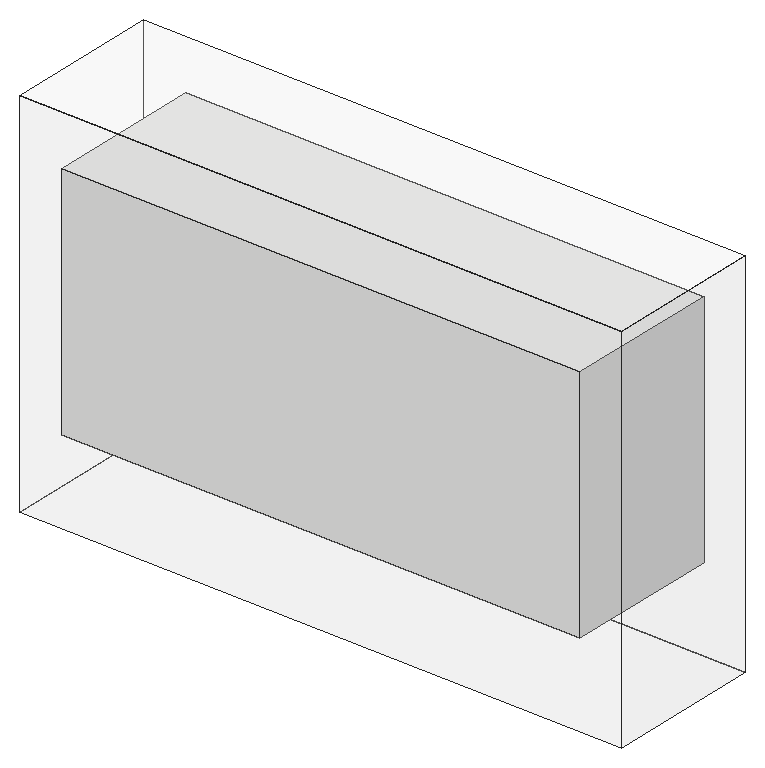
Revit family "vl-16_18(e)u3-d_50Hz", category 機械設備, Revit 2019
Family settings
  丸型コネクタ寸法 = 直径を使用
  パーツ タイプ = 標準
  OmniClass 番号 = 23.75.35.17.27
  OmniClass タイトル = Centrifugal Fans
  作業面ベース = いいえ
  常に垂直 = はい
  ロード時にボイドで切り取り = いいえ
  共有 = いいえ
  部屋計算ポイント = いいえ
Parameters (values of type "VL-16EU3-D")
  騒音レベル(dB(A)) [instance] = 38.5
  風量 [instance] = 103.0 m³/h
  電源種別 [instance] = ""
  電圧 = 100 V
  電動機出力 = 0 W
  電動機_種別 [instance] = ""
  運転質量 = 0.00 kg
  連動 [instance] = ""
  質量 = if(製品質量 > 運転質量, 製品質量, 運転質量) * 1.2  # 7.80 kg
  負荷分類 = 3_ファン類
  説明 = "換気空清機ロスナイ 寒冷地仕様 壁掛2パイプ取付タイプ"
  設計風量 [instance] = 0.0 m³/h
  設置方法 = "壁付"
  記号 [instance] = ""
  製造元 = "三菱電機株式会社"
  製品質量 = 6.50 kg
  製品出荷対象 = "国内"
  製品リリース年月 = "2019年5月16日"
  製品グループ = ""
  系統 [instance] = ""
  符号 [instance] = ""
  積算_科目 = "2 換気設備"
  積算_拾い区分 [instance] = ""
  相 = 1
  盤記号 [instance] = ""
  発停方法 [instance] = ""
  特殊仕様 [instance] = ""
  温度交換効率 = 70.00%
  メンテナンススペース = yes
  火災停止 [instance] = ""
  消費電力 = 33 W
  法定耐用年数 = "15"
  機外静圧 [instance] = 0.0 Pa
  極数 = 2
  材質 [instance] = ""
  操作・制御方式 = ""
  操作・制御スイッチ = ""
  排気量 [instance] = 0.0 m³/h
  形式 = ""
  幹線記号 [instance] = ""
  対象室 [instance] = ""
  実風量 [instance] = 0.0 m³/h
  始動方式 [instance] = "直入"
  外気量 [instance] = 0.0 m³/h
  呼称 = ""
  周波数 = 50 Hz
  参照している仕様書等のバージョン = ""
  分類コード = "50052504100030"
  分類グループ = ""
  価格 = 74100
  企業コード = "108420"
  付属品_防振装置 = ""
  付属品 [instance] = ""
  仕様書バージョン = "Version1.0"
  モデル = "VL-16EU3-D"
  マテリアル = 合成樹脂(白)
  ファンの種類 = ""
  ダクト径 = 75 mm
  コメント [instance] = ""
  Keynote = ""
  Width = 620 mm
  W1 = if(Width / 2 < Depth, Width / 2, Depth)  # 185 mm
  Version = ""
  Uniclass2015Version = "Systems v1.9"
  Uniclass2015Title = "Twin centrifugal fans"
  Uniclass2015Code = "Pr_65_67_29_89"
  URL = "https://www.mitsubishielectric.co.jp/ldg/wink/ssl/displayProduct.do?pid=301004"
  SpecificationReference = ""
  SpecificationDescription = ""
  SAサイズ_D = 75 mm
  Revision = ""
  ProductInformation = ""
  OmniClassCode = "23-33 31 19 13 13"
  MIN風量 = 65.0 m³/h
  MIN静圧 = 0.0 Pa
  MID風量 = 0.0 m³/h
  MID静圧 = 0.0 Pa
  MAX風量 = 103.0 m³/h
  MAX静圧 = 0.0 Pa
  IfcTypeProduct = ""
  IfcProduct = ""
  IfcExportType = "CENTRIFUGALBACKWARDINCLINEDCURVED"
  IfcExportAs = "IfcFanType"
  Height = 285 mm
  EAサイズ_D = 75 mm
  Duct_W = 175 mm
  Duct_H = 38 mm
  Depth = 185 mm
  Clearance Top = 60.5 mm
  Clearance Right = 50 mm
  Clearance Left = 50 mm
  Clearance Front = 0 mm
  Clearance Bottom = 100.5 mm
  Clearance Back = 0 mm
  Author = "三菱電機株式会社"
Types (4, lengths in mm): name | 騒音レベル(dB(A)) | 風量 | 質量 | 製品質量 | 温度交換効率 | 消費電力 | 価格 | モデル | ダクト径 | URL | SAサイズ_D | MAX風量 | EAサイズ_D | Duct_H
  VL-16U3-D | 38.5 | 103.0 m³/h | 7.80 kg | 6.50 kg | 70.00% | 33 W | 69000 | "VL-16U3-D" | 75 | "https://www.mitsubishielectric.co.jp/ldg/wink/ssl/displayProduct.do?pid=301008" | 75 | 103.0 m³/h | 75 | 38
  VL-16EU3-D | 38.5 | 103.0 m³/h | 7.80 kg | 6.50 kg | 70.00% | 33 W | 74100 | "VL-16EU3-D" | 75 | "https://www.mitsubishielectric.co.jp/ldg/wink/ssl/displayProduct.do?pid=301004" | 75 | 103.0 m³/h | 75 | 38
  VL-18U3-D | 42.5 | 125.0 m³/h | 8.16 kg | 6.80 kg | 55.00% | 45 W | 76300 | "VL-18U3-D" | 100 | "https://www.mitsubishielectric.co.jp/ldg/wink/ssl/displayProduct.do?pid=300944" | 100 | 125.0 m³/h | 100 | 25
  VL-18EU3-D | 42.5 | 125.0 m³/h | 8.16 kg | 6.80 kg | 55.00% | 45 W | 81500 | "VL-18EU3-D" | 100 | "https://www.mitsubishielectric.co.jp/ldg/wink/ssl/displayProduct.do?pid=301010" | 100 | 125.0 m³/h | 100 | 25
Reference planes
  plane 1 "中心(正面/背面)": y = 0
  plane 2: z = 0
  plane 3 "中心(左/右)": x = 0
  plane 4: x = 360
  plane 5: y = 0
  plane 6: y = -185
  plane 7: x = -310
  plane 8: x = 310
  plane 9: y = -185
  plane 10: z = 203
  plane 11: z = -142.5
  plane 12: x = -360
  plane 13: z = -243
  plane 14: y = -92.5
  plane 15: z = 142.5
  plane 16: z = -38
  plane 17: x = -155
  plane 18: x = 155
  plane 19: x = 175
  plane 20: x = -175
  plane 21: y = 1
Forms (mm)
  Extrusion 1, solid, material "合成樹脂(白)" <- "マテリアル", detail levels fine
    sketch origin (0, 0, 0) x (1, 0, 0) y (0, 1, 0)
      loop
        line (-310, 0) -> (-310, -185) -> (310, -185) -> (310, 0) -> (-310, 0)
    from -142.5 to 142.5
  Extrusion 2, solid, material "合成樹脂(白)" <- "マテリアル", detail levels fine
    sketch origin (0, 0, 0) x (1, 0, 0) y (0, 0, 1)
      loop
        circle (175, -38) r 37.5
    from -1 to 0
  Extrusion 3, solid, material "合成樹脂(白)" <- "マテリアル", detail levels fine
    sketch origin (0, 0, 0) x (1, 0, 0) y (0, 0, 1)
      loop
        circle (-175, -38) r 37.5
    from -1 to 0
Lines and regions (mm)
  Masking region 1, detail levels coarse+medium
    outline origin (2279.921, -68.194, 0) x (1, 0, 0) y (0, 1, 0)
      loop
        line (-2589.921, 68.194) -> (-2589.921, -116.806) -> (-1969.921, -116.806) -> (-1969.921, 68.194) -> (-2589.921, 68.194)
  symbolic lines, detail levels coarse+medium
    curve 1: circle (155, -92.5, 0) r 92.5 normal (0, 0, 1)
    curve 2: circle (-155, -92.5, 0) r 92.5 normal (0, 0, 1)
Dimensions and locks
  equal spacing: plane 7, plane 3 "中心(左/右)", plane 8
  "Width": plane 7 to plane 8
  "Clearance Left": plane 12 to plane 7
  "Depth": plane 1 "中心(正面/背面)" to plane 9
  "Clearance Front": plane 9 to plane 6
  "Clearance Back": plane 5 to plane 1 "中心(正面/背面)"
  "Clearance Right": plane 8 to plane 4
  "Clearance Bottom": plane 11 to plane 13
  equal spacing: plane 1 "中心(正面/背面)", plane 14, plane 9
  "Height": plane 15 to plane 11
  "Clearance Top": plane 10 to plane 15
  equal spacing: plane 15, level, plane 11
  "Duct_H": level to plane 16
  equal spacing: plane 7, plane 17, plane 3 "中心(左/右)"
  equal spacing: plane 3 "中心(左/右)", plane 18, plane 8
  equal spacing: plane 20, plane 3 "中心(左/右)", plane 19
  locked: plane 21 to plane 1 "中心(正面/背面)" at 1
  "Duct_W": plane 3 "中心(左/右)" to plane 20
  "Duct_W": plane 19 to plane 3 "中心(左/右)"
  "W1": diameter of curve 2
  "W1": diameter of curve 1
  "SAサイズ_D": diameter of Extrusion 2 sketch curve
  "EAサイズ_D": diameter of Extrusion 3 sketch curve
  aligned and locked: level to plane 2
  aligned and locked: plane 8 to Extrusion 1
  aligned and locked: Extrusion 1 to plane 9
  aligned and locked: Extrusion 1 to plane 7
  aligned and locked: Extrusion 1 to plane 11
  aligned and locked: Extrusion 1 to plane 1 "中心(正面/背面)"
  aligned and locked: plane 15 to Extrusion 1
  aligned and locked: nested 1 to plane 6
  aligned and locked: nested 1 to plane 5
  aligned and locked: plane 12 to nested 1
  aligned and locked: plane 4 to nested 1
  aligned and locked: plane 13 to nested 1
  aligned and locked: plane 10 to nested 1
  aligned and locked: Masking region 1 to plane 7
  aligned and locked: plane 8 to Masking region 1
  aligned and locked: Masking region 1 to plane 1 "中心(正面/背面)"
  aligned and locked: Masking region 1 to plane 9
  aligned and locked: plane 1 "中心(正面/背面)" to Extrusion 3
  aligned and locked: plane 21 to Extrusion 3
  aligned and locked: plane 21 to Extrusion 2
  aligned and locked: plane 1 "中心(正面/背面)" to Extrusion 2
Automatic sketch dimensions
  Extrusion 1 sketch curve to plane 3 "中心(左/右)" = 310 mm
  plane 3 "中心(左/右)" to Extrusion 1 sketch curve = 310 mm
  plane 1 "中心(正面/背面)" to Extrusion 1 sketch curve = 185 mm
  Extrusion 1 sketch curve to plane 1 "中心(正面/背面)" = 0 mm
  Masking region 1 sketch curve to plane 4 = 670 mm
  Masking region 1 sketch curve to Masking region 1 sketch curve = 620 mm
  plane 6 to Masking region 1 sketch curve = 0 mm
  plane 14 to Masking region 1 sketch curve = 92.5 mm
  curve 2 to plane 14 = 0 mm
  curve 2 to plane 17 = 0 mm
  curve 1 to plane 14 = 0 mm
  curve 1 to plane 18 = 0 mm
  Extrusion 2 sketch curve to plane 16 = 0 mm
  plane 19 to Extrusion 2 sketch curve = 0 mm
  Extrusion 3 sketch curve to plane 16 = 0 mm
  plane 20 to Extrusion 3 sketch curve = 0 mm
Nested families
  nested 1: "メンテナンススペース" at (0, -92.5, -20), visible <- "メンテナンススペース", type "メンテナンススペース"
    with Width 720 mm, Height 446 mm, Depth 185 mm
Connectors
  electrical at (0, 0, 0), driven by "極数", driven by "電圧", driven by "消費電力"
    settings: on Extrusion 1, index 1, voltage 100 V, apparent load 33 VA, apparent load phase1 0 VA, apparent load phase2 0 VA, apparent load phase3 0 VA, power factor 1, load classification "その他", number of poles 2, system type 30, power factor state 1, is connector primary yes, connector utility no, sub classification motor no, connector description ""
  hvac at (175, 1, -38), driven by "ダクト径", driven by "機外静圧", driven by "風量"
    settings: on Extrusion 2, index 2, duct flow 103.0 m³/h, flow factor 0, pres drop 0.0 Pa, loss coef 0, conn angle 0.00°, conn width 304.8 mm, conn height 304.8 mm, conn diameter 75 mm, duct sys type 1, conn prof type 0, flow config 0, flow direction 1, loss method 4, conn ref index -1, conn util no, is conn primary yes, conn desc ""
  hvac at (-175, 1, -38), driven by "ダクト径", driven by "機外静圧", driven by "風量"
    settings: on Extrusion 3, index 3, duct flow 103.0 m³/h, flow factor 0, pres drop 0.0 Pa, loss coef 0, conn angle 0.00°, conn width 304.8 mm, conn height 304.8 mm, conn diameter 75 mm, duct sys type 3, conn prof type 0, flow config 0, flow direction 2, loss method 4, conn ref index -1, conn util no, is conn primary no, conn desc ""
Definition of nested family "メンテナンススペース"
  Parameters (values of type "メンテナンススペース")
    Width [instance] = 500 mm
    Height [instance] = 500 mm
    Depth [instance] = 500 mm
  Reference planes
    plane 1 "中心(正面/背面)": y = 0
    plane 2: z = 0
    plane 3 "中心(左/右)": x = 0
    plane 4: y = -250
    plane 5: x = 250
    plane 6: y = 250
    plane 7: x = -250
    plane 8: z = 250
    plane 9: z = -250
  Forms (mm)
    Extrusion 1, solid
      sketch origin (-638.939, 0, 72.39) x (1, 0, 0) y (0, 1, 0)
        loop
          line (388.939, 250) -> (388.939, -250) -> (888.939, -250) -> (888.939, 250) -> (388.939, 250)
      from -322.39 to 177.61
  Lines and regions (mm)
    symbolic lines
      curve 1: line (-250, 0, 250) -> (250, 0, 250)
      curve 2: line (-250, 0, -250) -> (-250, 0, 250)
      curve 3: line (250, 0, -250) -> (-250, 0, -250)
      curve 4: line (250, 0, 250) -> (250, 0, -250)
      curve 5: line (0, -250, 250) -> (0, 250, 250)
      curve 6: line (0, -250, -250) -> (0, -250, 250)
      curve 7: line (0, 250, -250) -> (0, -250, -250)
      curve 8: line (0, 250, 250) -> (0, 250, -250)
      curve 9: line (-250, 250, 0) -> (250, 250, 0)
      curve 10: line (-250, -250, 0) -> (-250, 250, 0)
      curve 11: line (250, -250, 0) -> (-250, -250, 0)
      curve 12: line (250, 250, 0) -> (250, -250, 0)
  Dimensions and locks
    equal spacing: plane 7, plane 3 "中心(左/右)", plane 5
    equal spacing: plane 4, plane 1 "中心(正面/背面)", plane 6
    "Depth": plane 4 to plane 6
    "Width": plane 7 to plane 5
    equal spacing: plane 8, plane 2, plane 9
    "Height": plane 8 to plane 9
    aligned and locked: plane 9 to curve 3
    aligned and locked: plane 7 to curve 2
    aligned and locked: curve 4 to plane 5
    aligned and locked: plane 5 to Extrusion 1
    aligned and locked: Extrusion 1 to plane 7
    aligned and locked: Extrusion 1 to plane 9
    aligned and locked: plane 8 to Extrusion 1
    aligned and locked: plane 9 to curve 7
  Automatic sketch dimensions
    plane 4 to Extrusion 1 sketch curve = 0 mm
    Extrusion 1 sketch curve to plane 7 = 0 mm
    Extrusion 1 sketch curve to plane 5 = 0 mm
    plane 6 to Extrusion 1 sketch curve = 0 mm
    curve 2 to plane 8 = 0 mm
    plane 4 to curve 11 = 0 mm
    curve 11 to plane 7 = 0 mm
    curve 11 to plane 5 = 0 mm
    plane 6 to curve 10 = 0 mm
    curve 7 to plane 4 = 0 mm
    curve 7 to plane 6 = 0 mm
    curve 6 to plane 8 = 0 mm
